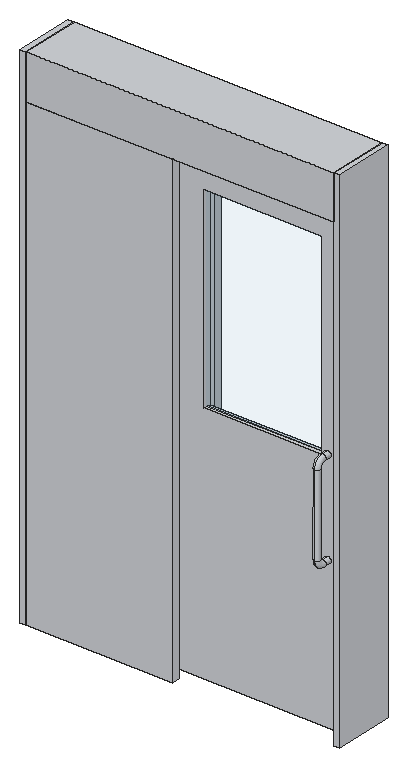
Revit family "Dor_ハンガードア_両面戸袋納まり", category ドア, Revit 2020
Family settings
  ホスト = 壁
  常に垂直 = はい
  ロード時にボイドで切り取り = はい
  共有 = いいえ
  部屋計算ポイント = いいえ
Parameters (values of type "ハンガードア_両面戸袋納まり")
  開口逃げ位置表示 [instance] = no
  開口W = 有効W + 引き残し  # 720 mm
  金物_施錠方式(外) = ""
  金物_施錠方式(内) = ""
  金物_支持金物 = ""
  金物_操作金物 = ""
  金物_戸当り = ""
  金物_固定金物 = ""
  金物_フランス落し = ""
  金物_クローザー = ""
  逃げ_左 = 60 mm
  逃げ_右 = 60 mm
  解析用性能 = "<なし>"
  符号_建具記号 = ""
  符号_建具番号 = ""
  法_随時閉鎖 = yes
  法_防火性能 = ""
  法_遮煙 = yes
  法_常時閉鎖 = yes
  枠見付上_外側 = 200 mm
  枠見付上_内側 = 枠見付上_外側 + LOCK  # 200 mm
  有効W = 600 mm
  文字_ガラス厚 = ""
  引き残し = 120 mm
  マテリアル_ハンドル = none
  ボード厚 = 34 mm
  ドアパネルタイプ = DP_腰窓 : 腰窓
  スリット/小窓位置：戸先 [instance] = yes
  クリアランス_戸尻枠 = 30 mm
  クリアランス_壁パネル間 = 10 mm
  ガラス厚 = 6 mm
  オフセット_外側 [instance] = 50 mm
  geo_壁厚 [instance] = 150 mm
  calc_逃げ位置_左長さ [instance] = if(calc_壁芯_開口間 > 30 mm, 60 mm, 30 mm + calc_壁芯_開口間)  # 60 mm
  calc_逃げ位置 [instance] = if(bWallThicknessOffset, calc_壁芯ずれ, 0 mm)  # 50 mm
  calc_全幅 = W寸法  # 1380 mm
  次による断熱プロパティの定義 = スキーマティック タイプ
  文字_額縁材質 = ""
  文字_額縁仕上 = ""
  文字_沓摺材質 = ""
  文字_沓摺仕上 = ""
  文字_枠材質 = ""
  文字_枠仕上 = ""
  文字_建具材質 = ""
  文字_建具仕上 = ""
  文字_取付場所 = ""
  文字_備考 = ""
  文字_パネル厚 = ""
  文字_ガラリ材質 = ""
  文字_ガラリ仕上 = ""
  文字_ガラス材質 = ""
  文字_アンダーカット = ""
  性能_遮音 = ""
  性能_気密 = ""
  形状_沓摺形状 = ""
  形状_枠形状 = ""
  形状_建具形式 = ""
  形状_ガラリ形状 = ""
  calc_戸尻位置 = W寸法 - 開口W  # 660 mm
  calc_壁芯ずれ [instance] = オフセット_外側 / 2 + オフセット_内側 / 2 + LOCK  # 50 mm
  ラベル_遮煙 = if(法_遮煙, "S", " ")  # "S"
  ラベル_法囲み = if(法_常時閉鎖, "□", if(法_随時閉鎖, "〇", " "))  # "□"
  マテリアル_沓摺 = none
  マテリアル_枠 = none
  マテリアル_パネル = none
  マテリアル_ガラリ = none
  マテリアル_ガラス = ガラス - 透明
  パネル幅2 = 0 mm  # constant formula
  パネル幅1 = 有効W + 引き残し + 30 mm  # 750 mm
  引棒表示 [instance] = yes
  Keynote = ""
  オフセット_内側 [instance] = 50 mm
  calc_壁芯_開口間 [instance] = (枠ちり外 + オフセット_外側 + geo_壁厚 / 2) - パネル厚 - クリアランス_壁パネル間  # 89 mm
  calc_パネル中心_幅 = (パネル幅1 - 開口W) / 2  # 15 mm
  calc_パネル中心_厚 = パネル厚 / 2 + LOCK  # 18 mm
  bWallThicknessOffset = yes
  W寸法 = 有効W * 2 + 引き残し + 30 mm * 2  # 1380 mm
  LOCK = 0 mm  # constant formula
  Function = (empty or 0)
  Description = ""
  Rough Width = 0 mm
  高さ = H寸法 + LOCK  # 2100 mm
  枠見付 = 25 mm
  枠ちり外 = 10 mm
  枠ちり内 = 10 mm
  引手_高さ = 900 mm
  引手_オフセット = 80 mm
  戸当見込 = 50 mm
  戸当見付 = 15 mm
  Construction Type = ""
  Wall Closure = (empty or 0)
  幅 = W寸法 + LOCK  # 1380 mm
  Rough Height = 0 mm
  パネル高 = 高さ - アンダーカット  # 2085 mm
  パネル幅 = パネル幅1 + LOCK  # 750 mm
  パネル厚 = 36 mm
  アンダーカット = 15 mm
  H寸法 = 2100 mm
Reference planes
  plane 1: y = 0
  plane 2 "中心(左/右)": x = 90
  plane 3 "EXT.": y = 75
  plane 4 "内壁": y = -75
  plane 5 "左": x = -270
  plane 6 "右": x = 450
  plane 7 "上側": z = 2100
  plane 8: z = 0
  plane 9 "枠ちり外": y = 135
  plane 10 "枠外側右": x = 475
  plane 11 "枠見付_上": z = 2300
  plane 12 "パネル内側": y = -68
  plane 13: z = 15
  plane 14: y = -125
  plane 15 "枠ちり内": y = -135
  plane 16 "パネル中心": y = -50
  plane 17: y = 65
  plane 18: x = 480
  plane 19: y = 65
  plane 20: y = -130
  plane 21 "壁芯": y = -50
  plane 22: z = 900
  plane 23 "壁内_扉側": y = -30
  plane 24: x = -930
  plane 25 "枠外側左": x = -955
  plane 26 "枠見付上_内": z = 2300
  plane 27 "パネル幅中心": x = 75
  plane 28 "引手位置": x = 370
  plane 29 "沓摺中心": x = -240
  plane 30: y = 65
  plane 31 "高さ中心": z = 1050
  plane 32: z = 2302
  plane 33 "マスク位置": z = 500
  plane 34 "オフセット外側": y = 125
  plane 35 "逃げ位置": y = -50
  plane 36 "ボード外側_内": y = 101
  plane 37 "パネル外側": y = -32
  plane 38 "ボード内側_内": y = -101
  plane 39: x = -150
Forms (mm)
  Extrusion 1, void
    sketch origin (0, 0, 0) x (1, 0, 0) y (0, 1, 0)
      loop
        line (-955, 125) -> (-955, -125) -> (475, -125) -> (475, 125) -> (-955, 125)
    from 0 to 2300
  Extrusion 2, solid, material <- "マテリアル_枠"
    sketch origin (0, 0, 0) x (1, 0, 0) y (0, 1, 0)
      loop
        line (450, -135) -> (475, -135) -> (475, 135) -> (450, 135) -> (450, -135)
      loop
        line (-955, -135) -> (-930, -135) -> (-930, 135) -> (-955, 135) -> (-955, -135)
    from 0 to 2300
  Extrusion 3, solid, material <- "マテリアル_枠"
    sketch origin (0, 0, 0) x (1, 0, 0) y (0, 1, 0)
      loop
        line (-930, -135) -> (450, -135) -> (450, 135) -> (-930, 135) -> (-930, -135)
    from 2100 to 2300
  Extrusion 4, solid, material <- "マテリアル_パネル"
    sketch origin (0, 0, 0) x (1, 0, 0) y (0, 1, 0)
      loop
        line (-930, 135) -> (-930, 101) -> (-270, 101) -> (-270, 135) -> (-930, 135)
      loop
        line (-930, -101) -> (-930, -135) -> (-270, -135) -> (-270, -101) -> (-930, -101)
    from 0 to 2100
Lines and regions (mm)
  Masking region 1
    outline origin (90, 0, 0) x (0, 1, 0) y (0, 0, 1)
      loop
        line (135, 2300) -> (-135, 2300) -> (-135, 2100) -> (135, 2100) -> (135, 2300)
  Masking region 2, detail levels medium+fine
    outline origin (0, 0, 0) x (1, 0, 0) y (0, 1, 0)
      loop
        line (475, -135) -> (475, 135) -> (450, 135) -> (450, -135) -> (475, -135)
      loop
        line (-955, -135) -> (-930, -135) -> (-930, 135) -> (-955, 135) -> (-955, -135)
  Masking region 3, detail levels coarse
    outline origin (0, 0, 0) x (1, 0, 0) y (0, 1, 0)
      loop
        line (480, 125) -> (450, 125) -> (450, -125) -> (480, -125) -> (480, 125)
  Masking region 4, detail levels coarse
    outline origin (0, 0, 0) x (1, 0, 0) y (0, 1, 0)
      loop
        line (-930, -75) -> (-930, 125) -> (-955, 125) -> (-957, 125) -> (-957, -75) -> (-955, -75) -> (-930, -75)
  Masking region 5
    outline origin (0, 0, 0) x (1, 0, 0) y (0, 1, 0)
      loop
        line (-930, 135) -> (-930, 101) -> (-270, 101) -> (-270, 135) -> (-930, 135)
      loop
        line (-930, -101) -> (-930, -135) -> (-270, -135) -> (-270, -101) -> (-930, -101)
  Masking region 6
    outline origin (90, 0, 0) x (0, 1, 0) y (0, 0, 1)
      loop
        line (-32, 2100) -> (-68, 2100) -> (-68, 15) -> (-32, 15) -> (-32, 2100)
  symbolic lines
    curve 1: line (90, 185, 0) -> (90, -185, 0)
Text (mm)
  text "EXT." at (-2295.016, 1099.543, 0), in view "基準レベル"
  text "外部" at (0, 1615.38, 3698.081), in view "左"
  text "外部" at (0, 1036.032, 3874.932), in view "右"
  text "内部" at (0, -1175.082, 3874.932), in view "右"
  text "内部" at (-2295.016, -1087.353, 0), in view "基準レベル"
Dimensions and locks
  equal spacing: plane 5 "左", plane 2 "中心(左/右)", plane 6 "右"
  locked: plane 3 "EXT." to host wall
  locked: plane 4 "内壁" to host wall
  "開口W": plane 5 "左" to plane 6 "右"
  "H寸法": plane 8 to plane 7 "上側"
  "枠ちり内": plane 14 to plane 15 "枠ちり内"
  "オフセット_内側": plane 14 to plane 4 "内壁"
  "アンダーカット": plane 13 to plane 8
  locked: plane 3 "EXT." to plane 17 at 10
  locked: curve 1 to plane 9 "枠ちり外" at 50
  locked: plane 15 "枠ちり内" to curve 1 at 50
  locked: plane 10 "枠外側右" to plane 18 at 5
  locked: plane 19 to plane 3 "EXT." at 10
  locked: plane 14 to plane 20 at 5
  "calc_壁芯ずれ": plane 21 "壁芯" to plane 1
  "引手_高さ": plane 22 to level
  "枠見付": plane 6 "右" to plane 10 "枠外側右"
  "枠見付": plane 25 "枠外側左" to plane 24
  "枠見付上_外側": plane 11 "枠見付_上" to plane 7 "上側"
  "枠見付上_内側": plane 26 "枠見付上_内" to plane 7 "上側"
  "calc_パネル中心_幅": plane 27 "パネル幅中心" to plane 2 "中心(左/右)"
  equal spacing: plane 24, plane 29 "沓摺中心", plane 6 "右"
  "引手_オフセット": plane 28 "引手位置" to plane 6 "右"
  plane 30 to plane 3 "EXT." = 10 mm
  equal spacing: plane 8, plane 31 "高さ中心", plane 7 "上側"
  locked: level to plane 33 "マスク位置" at 500
  Masking region 4 sketch curve to plane 25 "枠外側左" = 2 mm
  "オフセット_外側": plane 3 "EXT." to plane 34 "オフセット外側"
  "枠ちり外": plane 9 "枠ちり外" to plane 34 "オフセット外側"
  "calc_逃げ位置": plane 35 "逃げ位置" to plane 1
  "geo_壁厚": host wall to host wall
  "ボード厚": plane 9 "枠ちり外" to plane 36 "ボード外側_内"
  "calc_パネル中心_厚": plane 37 "パネル外側" to plane 16 "パネル中心"
  "パネル厚": plane 37 "パネル外側" to plane 12 "パネル内側"
  "ボード厚": plane 38 "ボード内側_内" to plane 15 "枠ちり内"
  "W寸法": plane 24 to plane 6 "右"
  "引き残し": plane 5 "左" to plane 39
  aligned and locked: plane 1 to host wall
  aligned and locked: level to plane 8
  aligned and locked: plane 10 "枠外側右" to Extrusion 1 sketch curve
  aligned and locked: plane 11 "枠見付_上" to Extrusion 1
  aligned and locked: plane 6 "右" to Masking region 3 sketch curve
  aligned and locked: Masking region 3 sketch curve to plane 18
  aligned and locked: Masking region 3 sketch curve to plane 14
  aligned and locked: plane 6 "右" to Masking region 2 sketch curve
  aligned and locked: plane 9 "枠ちり外" to Masking region 2 sketch curve  (x2)
  aligned and locked: nested 1 to plane 16 "パネル中心"
  aligned and locked: Masking region 2 sketch curve to plane 25 "枠外側左"
  aligned and locked: plane 24 to Masking region 2 sketch curve
  aligned and locked: Extrusion 2 sketch curve to Masking region 2  (x6)
  aligned and locked: Masking region 2 to Extrusion 2 sketch curve
  aligned and locked: Extrusion 2 to plane 11 "枠見付_上"
  aligned and locked: Masking region 2 to Extrusion 3 sketch curve
  aligned and locked: Extrusion 3 sketch curve to plane 24
  aligned and locked: Extrusion 3 sketch curve to plane 6 "右"
  aligned and locked: Extrusion 3 to plane 11 "枠見付_上"
  aligned and locked: plane 7 "上側" to Extrusion 3
  aligned and locked: plane 27 "パネル幅中心" to nested 1
  aligned and locked: plane 2 "中心(左/右)" to nested 3
  aligned and locked: plane 31 "高さ中心" to nested 3
  aligned and locked: plane 15 "枠ちり内" to Masking region 1 sketch curve
  aligned and locked: plane 7 "上側" to Masking region 1 sketch curve
  aligned and locked: nested 2 to plane 16 "パネル中心"
  aligned and locked: plane 34 "オフセット外側" to Masking region 3 sketch curve
  aligned and locked: plane 34 "オフセット外側" to Masking region 4 sketch curve
  aligned and locked: nested 4 to plane 35 "逃げ位置"
  aligned and locked: plane 24 to Extrusion 4 sketch curve  (x2)
  aligned and locked: plane 5 "左" to Extrusion 4 sketch curve  (x2)
  aligned and locked: Extrusion 4 sketch curve to plane 9 "枠ちり外"
  aligned and locked: plane 36 "ボード外側_内" to Extrusion 4 sketch curve
  aligned and locked: plane 5 "左" to Masking region 5 sketch curve  (x2)
  aligned and locked: plane 36 "ボード外側_内" to Masking region 5 sketch curve
  aligned and locked: Masking region 5 sketch curve to plane 9 "枠ちり外"
  aligned and locked: plane 24 to Masking region 5 sketch curve  (x2)
  aligned and locked: Extrusion 4 to plane 7 "上側"
  aligned and locked: Masking region 2 sketch curve to plane 15 "枠ちり内"
  aligned and locked: plane 29 "沓摺中心" to nested 4
  aligned and locked: Extrusion 2 sketch curve to plane 15 "枠ちり内"
  aligned and locked: Extrusion 1 sketch curve to plane 34 "オフセット外側"
  aligned and locked: plane 14 to Extrusion 1 sketch curve
  aligned and locked: plane 25 "枠外側左" to Masking region 4 sketch curve
  aligned and locked: plane 21 "壁芯" to plane 16 "パネル中心"
  aligned and locked: plane 15 "枠ちり内" to Masking region 5 sketch curve
  aligned and locked: plane 38 "ボード内側_内" to Masking region 5 sketch curve
  aligned and locked: plane 15 "枠ちり内" to Extrusion 4 sketch curve
  aligned and locked: plane 38 "ボード内側_内" to Extrusion 4 sketch curve
  aligned and locked: Masking region 4 sketch curve to Masking region 4 sketch curve
  aligned and locked: plane 9 "枠ちり外" to Extrusion 3 sketch curve
  aligned and locked: plane 28 "引手位置" to nested 5
  aligned and locked: nested 5 to plane 16 "パネル中心"
  aligned and locked: plane 9 "枠ちり外" to Masking region 1 sketch curve
  aligned and locked: plane 13 to Masking region 6 sketch curve
  aligned and locked: Masking region 6 sketch curve to plane 37 "パネル外側"
  aligned and locked: plane 12 "パネル内側" to Masking region 6 sketch curve
  aligned and locked: plane 7 "上側" to Masking region 6 sketch curve
Automatic sketch dimensions
  curve 1 to plane 2 "中心(左/右)" = 0 mm
  Extrusion 1 sketch curve to plane 25 "枠外側左" = 0 mm
  Masking region 1 sketch curve to plane 11 "枠見付_上" = 0 mm
  Masking region 2 sketch curve to plane 10 "枠外側右" = 0 mm
  Masking region 2 sketch curve to plane 15 "枠ちり内" = 0 mm
  Masking region 4 sketch curve to plane 25 "枠外側左" = 0 mm
  Masking region 4 sketch curve to plane 24 = 0 mm
  host wall to Masking region 4 sketch curve = 0 mm
Nested families
  nested 1: "平面_引き戸" at (75, -50, 0), type "平面_引き戸"
    with 幅 750 mm, パネル幅 750 mm, パネル厚 36 mm
  nested 2: "DP_腰窓" at (77.5, -50, 0), マテリアル_パネル <- "マテリアル_パネル", 幅 <- "パネル幅1", 高さ <- "パネル高", Thickness <- "パネル厚", type <- "ドアパネルタイプ", アンダーカット <- "アンダーカット", マテリアル_ガラス <- "マテリアル_ガラス", マテリアル_ガラリ <- "マテリアル_ガラリ", スリット/小窓位置：戸先 <- "スリット/小窓位置：戸先", ガラス厚 <- "ガラス厚", type "腰窓"
    with 高さ 2085 mm, 幅 750 mm, built-in parameter 1001302 36 mm, マテリアル_パネル none, マテリアル_ガラリ none, マテリアル_ガラス ガラス - 透明, スリット/小窓位置：戸先 yes, ガラス厚 6 mm, アンダーカット 15 mm, calc_窓W 530 mm, calc_窓H 880 mm
  nested 3: "立面_スイング_引き戸" at (90, 75, 1050) x (1, 0, 0) z (0, -1, 0), type "立面_スイング_引き戸"
    with 幅 250 mm
  nested 4: "平面_逃げ位置_片引き" at (-240, -50, 0), visible <- "開口逃げ位置表示", 幅 <- "calc_全幅", 逃げ_右 <- "逃げ_右", 逃げ_左 <- "逃げ_左", type "平面_逃げ位置_片引き"
    with 長さ_左 60 mm, 逃げ_左 60 mm, 逃げ_右 60 mm, 幅 1380 mm
  nested 5: "Ha_引棒" at (370, -50, 900), visible <- "引棒表示", built-in parameter 1001364 <- "引手_高さ", type "Ha_引棒"
Definition of nested family "DP_腰窓"
  Parameters (values of type "腰窓")
    Height [instance] = 1995 mm
    Analytic Construction = "<なし>"
    窓位置_戸先 = 110 mm
    窓位置_戸尻 = 110 mm
    窓腰高 = 1100 mm
    窓位置_上 = 120 mm
    Define Thermal Properties by = 1
    Width [instance] = 800 mm
    Thickness [instance] = 40 mm
    マテリアル_パネル [instance] = none
    マテリアル_ガラリ [instance] = none
    マテリアル_ガラス [instance] = none
    スリット/小窓位置：戸先 [instance] = yes
    ガラス厚 [instance] = 6 mm
    アンダーカット [instance] = 5 mm
    calc_窓W [instance] = Width - 窓位置_戸先 - 窓位置_戸尻  # 580 mm
    calc_窓H [instance] = (Height + アンダーカット) - 窓腰高 - 窓位置_上  # 780 mm
  Reference planes
    plane 1 "中心(正面/背面)": y = 0
    plane 2 "下": z = 0
    plane 3 "中心(左/右)": x = 0
    plane 4 "右": x = 400
    plane 5 "左": x = -400
    plane 6 "前面": y = 20
    plane 7 "背面": y = -20
    plane 8 "上": z = 2000
    plane 9 "框左": x = -290
    plane 10 "框右": x = 290
    plane 11 "框下": z = 1100
    plane 12 "框上": z = 1880
    plane 13 "窓中央": x = 0
    plane 14: z = 5
  Forms (mm)
    Extrusion 1, solid, material <- "マテリアル_パネル"
      sketch origin (0, 0, 0) x (1, 0, 0) y (0, 0, 1)
        loop
          line (-400, 2000) -> (-400, 5) -> (400, 5) -> (400, 2000) -> (-400, 2000)
        loop
          line (-290, 1880) -> (-290, 1100) -> (290, 1100) -> (290, 1880) -> (-290, 1880)
      from -20 to 20
  Dimensions and locks
    equal spacing: plane 5 "左", plane 3 "中心(左/右)", plane 4 "右"
    "Width": plane 5 "左" to plane 4 "右"
    equal spacing: plane 6 "前面", plane 1 "中心(正面/背面)", plane 7 "背面"
    "Thickness": plane 6 "前面" to plane 7 "背面"
    "窓位置_上": plane 8 "上" to plane 12 "框上"
    "窓腰高": plane 11 "框下" to level
    "窓位置_戸先": plane 4 "右" to plane 10 "框右"
    "窓位置_戸尻": plane 9 "框左" to plane 5 "左"
    equal spacing: plane 9 "框左", plane 13 "窓中央", plane 10 "框右"
    "アンダーカット": plane 14 to plane 2 "下"
    "Height": plane 8 "上" to plane 14
    aligned and locked: level to plane 2 "下"
    aligned and locked: Extrusion 1 sketch curve to plane 8 "上"
    aligned and locked: plane 5 "左" to Extrusion 1 sketch curve
    aligned and locked: Extrusion 1 sketch curve to plane 4 "右"
    aligned and locked: Extrusion 1 sketch curve to plane 12 "框上"
    aligned and locked: plane 9 "框左" to Extrusion 1 sketch curve
    aligned and locked: plane 11 "框下" to Extrusion 1 sketch curve
    aligned and locked: plane 10 "框右" to Extrusion 1 sketch curve
    aligned and locked: plane 11 "框下" to nested 1
    aligned and locked: nested 1 to plane 1 "中心(正面/背面)"
    aligned and locked: plane 13 "窓中央" to nested 1
    aligned and locked: plane 14 to Extrusion 1 sketch curve
    aligned and locked: Extrusion 1 to plane 7 "背面"
    aligned and locked: plane 6 "前面" to Extrusion 1
  Nested families
    nested 1: "DPw_ガラス" at (0, 15, 1100), built-in parameter 1001364 <- "窓腰高", Height <- "calc_窓H", Thickness <- "ガラス厚", Width <- "calc_窓W", マテリアル_ガラス <- "マテリアル_ガラス", type "DPw_ガラス"
      with Height 780 mm, Width 580 mm, Thickness 6 mm
  Definition of nested family "DPw_ガラス"
    Parameters (values of type "DPw_ガラス")
      Define Thermal Properties by = 1
      Visual Light Transmittance = 0.9
      Solar Heat Gain Coefficient = 0.78
      Height [instance] = 1000 mm
      Heat Transfer Coefficient (U) = 3.6886 W/(m²·K)
      Width [instance] = 800 mm
      Analytic Construction = "1/8 インチ ピルキントン一重ガラス"
      Thickness [instance] = 6 mm
      マテリアル_ガラス [instance] = none
    Reference planes
      plane 1 "中心(正面/背面)": y = -15
      plane 2 "下": z = 0
      plane 3 "中心(左/右)": x = 0
      plane 4 "左": x = -400
      plane 5 "右": x = 400
      plane 6 "上": z = 1000
      plane 7: y = -12
      plane 8: y = -18
      plane 9: z = 500
    Forms (mm)
      Extrusion 1, solid, material <- "マテリアル_ガラス"
        sketch origin (0, -15, 0) x (1, 0, 0) y (0, 0, 1)
          loop
            line (-400, 0) -> (400, 0) -> (400, 1000) -> (-400, 1000) -> (-400, 0)
        from -3 to 3
    Lines and regions (mm)
      symbolic lines, detail levels medium+fine
        curve 1: line (400, -15, 0) -> (-400, -15, 0)
      symbolic lines, detail levels fine
        curve 2: line (0, -15, 1000) -> (0, -15, 0)
    Dimensions and locks
      equal spacing: plane 4 "左", plane 3 "中心(左/右)", plane 5 "右"
      "Width": plane 4 "左" to plane 5 "右"
      "Height": plane 6 "上" to plane 2 "下"
      equal spacing: plane 6 "上", plane 9, plane 2 "下"
      "Thickness": plane 8 to plane 7
      equal spacing: plane 8, plane 1 "中心(正面/背面)", plane 7
      plane 2 "下" to level = 0 mm
      aligned and locked: plane 5 "右" to Extrusion 1
      aligned and locked: Extrusion 1 to plane 4 "左"
      aligned and locked: Extrusion 1 to plane 7
      aligned and locked: plane 8 to Extrusion 1
      aligned and locked: curve 1 to plane 1 "中心(正面/背面)"
      aligned and locked: plane 4 "左" to curve 1
      aligned and locked: Extrusion 1 to curve 1
      aligned and locked: plane 6 "上" to Extrusion 1
      aligned and locked: plane 2 "下" to curve 2
      aligned and locked: plane 6 "上" to curve 2
      aligned and locked: Extrusion 1 to plane 2 "下"
    Automatic sketch dimensions
      Extrusion 1 sketch curve to plane 4 "左" = 0 mm
      Extrusion 1 sketch curve to plane 5 "右" = 0 mm
      level to Extrusion 1 sketch curve = 0 mm
      Extrusion 1 sketch curve to plane 6 "上" = 0 mm
      curve 2 to plane 1 "中心(正面/背面)" = 0 mm
Definition of nested family "Ha_引棒"
  Parameters (values of type "Ha_引棒")
    Height = 425 mm
    Analytic Construction = "<なし>"
    Define Thermal Properties by = 1
    Default Elevation = 0 mm
    パネル厚 = 36 mm
    ハンドル材質 = none
  Reference planes
    plane 1 "中心(正面/背面)": y = 0
    plane 2: z = 0
    plane 3 "中心(左/右)": x = 0
    plane 4: y = 18
    plane 5: y = -18
    plane 6: z = 212.5
    plane 7: z = -212.5
    plane 8: y = -78
    plane 9: y = 78
  Forms (mm)
    Sweep 1, solid, material <- "ハンドル材質"
      path origin (0, 0, 0) x (0, 1, 0) y (0, 0, 1)
        loop
          line (-18, 212.5) -> (-48, 212.5)
          arc (-48, 212.5) -> (-69.213, 203.713) -> (-78, 182.5) r 30
          line (-78, 182.5) -> (-78, -182.5)
          arc (-78, -182.5) -> (-69.213, -203.713) -> (-48, -212.5) r 30
          line (-48, -212.5) -> (-18, -212.5)
      profile origin (0, -33, 212.5) x (0, 0, -1) y (1, 0, 0)
        loop
          circle (0, 0) r 13.5
    Sweep 2, solid, material <- "ハンドル材質"
      path origin (0, 0, 0) x (0, -1, 0) y (0, 0, 1)
        loop
          line (-18, 212.5) -> (-48, 212.5)
          arc (-48, 212.5) -> (-69.213, 203.713) -> (-78, 182.5) r 30
          line (-78, 182.5) -> (-78, -182.5)
          arc (-78, -182.5) -> (-69.213, -203.713) -> (-48, -212.5) r 30
          line (-48, -212.5) -> (-18, -212.5)
      profile origin (0, 33, 212.5) x (0, 0, 1) y (1, 0, 0)
        loop
          circle (0, 0) r 13.5
  Lines and regions (mm)
    Masking region 1
      outline origin (0, 0, 0) x (1, 0, 0) y (0, 0, 1)
        loop
          line (-13.5, 212.5) -> (-13.5, -212.5)
          arc (-13.5, -212.5) -> (0, -226) -> (13.5, -212.5) r 13.5
          line (13.5, -212.5) -> (13.5, 212.5)
          arc (13.5, 212.5) -> (0, 226) -> (-13.5, 212.5) r 13.5
  Dimensions and locks
    "パネル厚": plane 4 to plane 5
    equal spacing: plane 4, plane 1 "中心(正面/背面)", plane 5
    equal spacing: plane 6, plane 2, plane 7
    "Height": plane 6 to plane 7
    plane 9 to plane 4 = 60 mm
    plane 8 to plane 5 = 60 mm
    aligned and locked: level to plane 2
    aligned and locked: plane 5 to Sweep 1 sketch curve  (x2)
    aligned and locked: Sweep 1 sketch curve to plane 8
    aligned and locked: plane 9 to Sweep 2 sketch curve
    aligned and locked: Sweep 2 sketch curve to plane 7
    aligned and locked: plane 6 to Sweep 2 sketch curve
    aligned and locked: plane 4 to Sweep 2 sketch curve  (x2)
    aligned and locked: plane 6 to Masking region 1 sketch curve  (x2)
    aligned and locked: plane 7 to Masking region 1 sketch curve  (x2)
  Automatic sketch dimensions
    Sweep 1 sketch curve to plane 7 = 0 mm
    Sweep 1 sketch curve to plane 6 = 0 mm
    Sweep 1 sketch curve to plane 5 = 30 mm  (x2)
    Sweep 1 sketch curve to plane 3 "中心(左/右)" = 0 mm
    Sweep 1 sketch curve to profile plane = 0 mm
    Sweep 2 sketch curve to Sweep 2 sketch curve = 30 mm  (x2)
    Sweep 2 sketch curve to plane 3 "中心(左/右)" = 0 mm
    Sweep 2 sketch curve to profile plane = 0 mm
    Masking region 1 sketch curve to plane 3 "中心(左/右)" = 0 mm
    Masking region 1 sketch curve to plane 3 "中心(左/右)" = 13.5 mm
    radius of Sweep 1 sketch curve = 13.5 mm
    radius of Sweep 2 sketch curve = 13.5 mm
Definition of nested family "平面_引き戸"
  Parameters (values of type "平面_引き戸")
    引き残し = 120 mm
    幅 = 825 mm
    パネル幅 = 幅  # 825 mm
    パネル厚 = 45 mm
  Reference planes
    plane 1 "中心(正面/背面)": y = 0
    plane 2: z = 0
    plane 3 "中心(左/右)": x = 0
    plane 4: x = -412.5
    plane 5: x = 412.5
    plane 6 "内側": y = -22.5
    plane 7 "外側": y = 22.5
    plane 8: x = -292.5
    plane 9: x = -1117.5
  Lines and regions (mm)
    Masking region 1, in view "基準レベル", detail levels medium+fine
      outline origin (0, 0, 0) x (1, 0, 0) y (0, 1, 0)
        loop
          line (-412.5, -22.5) -> (412.5, -22.5) -> (412.5, 22.5) -> (-412.5, 22.5) -> (-412.5, -22.5)
    detail lines, in view "基準レベル", detail levels medium+fine
      curve 1: line (-412.5, -22.5, 0) -> (-1117.5, -22.5, 0)
      curve 2: line (-1117.5, -22.5, 0) -> (-1117.5, 22.5, 0)
      curve 3: line (-1117.5, 22.5, 0) -> (-412.5, 22.5, 0)
    detail lines, in view "基準レベル", detail levels coarse
      curve 4: line (412.5, 0, 0) -> (-412.5, 0, 0)
      curve 5: line (-1117.5, 0, 0) -> (-412.5, 0, 0)
  Dimensions and locks
    equal spacing: plane 4, plane 3 "中心(左/右)", plane 5
    "幅": plane 4 to plane 5
    "パネル厚": plane 7 "外側" to plane 6 "内側"
    equal spacing: plane 7 "外側", plane 1 "中心(正面/背面)", plane 6 "内側"
    "引き残し": plane 4 to plane 8
    "幅": plane 9 to plane 8
    aligned and locked: Masking region 1 sketch curve to plane 6 "内側"
    aligned and locked: Masking region 1 sketch curve to plane 4
    aligned and locked: plane 5 to Masking region 1 sketch curve
    aligned and locked: plane 7 "外側" to Masking region 1 sketch curve
    aligned and locked: plane 5 to curve 4
    aligned and locked: curve 3 to plane 7 "外側"
    aligned and locked: plane 9 to curve 2
    aligned and locked: Masking region 1 to plane 4
    aligned and locked: plane 6 "内側" to curve 1
    aligned and locked: Masking region 1 to plane 6 "内側"
    aligned and locked: plane 5 to Masking region 1
    aligned and locked: plane 4 to curve 4
    aligned and locked: plane 9 to curve 5
    aligned and locked: plane 1 "中心(正面/背面)" to curve 5
    aligned and locked: curve 4 to plane 1 "中心(正面/背面)"
  Automatic sketch dimensions
    curve 3 to plane 4 = 0 mm
    curve 1 to plane 4 = 0 mm
Definition of nested family "立面_スイング_引き戸"
  Parameters (values of type "立面_スイング_引き戸")
    幅 [instance] = 250 mm
  Reference planes
    plane 1 "中心(正面/背面)": y = 0
    plane 2: z = 0
    plane 3 "中心(左/右)": x = 0
    plane 4: x = -125
    plane 5: x = 125
  Lines and regions (mm)
    detail lines, in view "基準レベル"
      curve 1: line (125, 0, 0) -> (-125, 0, 0)
      curve 2: line (-125, 0, 0) -> (-55.718, 40, 0)
  Dimensions and locks
    equal spacing: plane 4, plane 3 "中心(左/右)", plane 5
    "幅": plane 4 to plane 5
    angle curve 1 to curve 2 = 30.00°
    aligned and locked: plane 4 to curve 1
    aligned and locked: plane 5 to curve 1
  Automatic sketch dimensions
    plane 1 "中心(正面/背面)" to curve 1 = 0 mm
Definition of nested family "平面_逃げ位置_片引き"
  Parameters (values of type "平面_逃げ位置_片引き")
    長さ_左 [instance] = 50 mm
    長さ_右 = 60 mm
    逃げ_左 [instance] = 40 mm
    逃げ_右 [instance] = 40 mm
    幅 [instance] = 1000 mm
  Reference planes
    plane 1 "中心(正面/背面)": y = 0
    plane 2: z = 0
    plane 3 "中心(左/右)": x = 0
    plane 4: x = -500
    plane 5: x = 500
    plane 6: x = 540
    plane 7: x = -540
    plane 8: y = -30
    plane 9: y = 30
    plane 10 "オフセット": y = 20
  Lines and regions (mm)
    detail lines, in view "基準レベル"
      curve 1: line (-540, 20, 0) -> (-540, -30, 0)
      curve 2: line (540, 30, 0) -> (540, -30, 0)
  Dimensions and locks
    equal spacing: plane 4, plane 3 "中心(左/右)", plane 5
    "幅": plane 4 to plane 5
    "長さ_右": plane 9 to plane 8
    equal spacing: plane 9, plane 1 "中心(正面/背面)", plane 8
    "逃げ_左": plane 7 to plane 4
    "逃げ_右": plane 5 to plane 6
    "長さ_左": plane 10 "オフセット" to plane 8
    aligned and locked: curve 1 to plane 7
    aligned and locked: plane 6 to curve 2
    aligned and locked: plane 9 to curve 2
    aligned and locked: plane 10 "オフセット" to curve 1
  Automatic sketch dimensions
    curve 1 to plane 8 = 0 mm
    curve 2 to plane 8 = 0 mm
